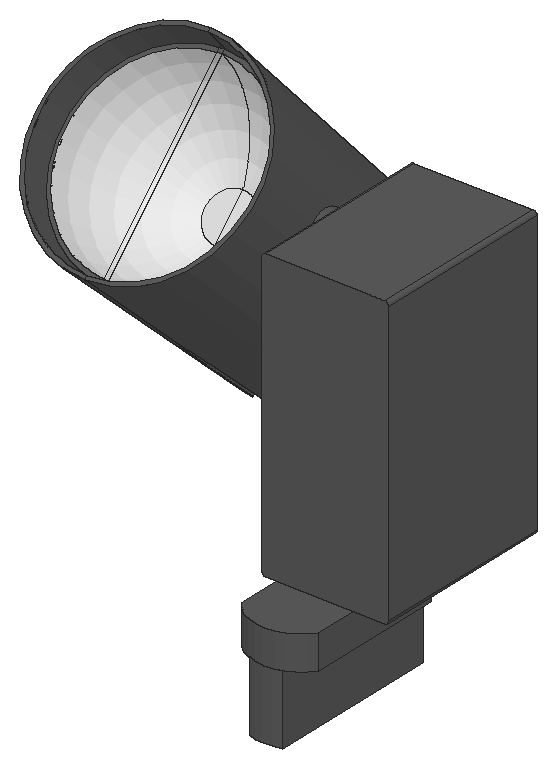
Revit family "0004849 Feilo Sylvania Lighting Fixture START TRACK SPOT S 14W 4K RA80 WB BLACK", category Lighting Fixtures, host Face, Revit 2017
Family settings
  Host = Face
  Round Connector Dimension = Use Diameter
  Part Type = Normal
  OmniClass Number = 23.80.70.00
  OmniClass Title = Lighting
  Cut with Voids When Loaded = No
  Light Source = No
  Shared = No
  Room Calculation Point = No
Parameters (values of type "0004849 START TRACK SPOT S 14W 4K RA80 WB BLACK")
  Weight = "0.94 kg"
  Wattage Comments = ""
  WarrantyStartDate [instance] = "n/a"
  WarrantyGuarantorParts = "n/a"
  WarrantyDurationUnit = "n/a"
  WarrantyDurationParts = "n/a"
  WarrantyDescription = "n/a"
  Voltage = 230 V
  URL = "http://www.sylvania-lighting.com"
  TypeName = "START TRACK SPOT S 14W 4K RA80 WB BLACK"
  TypeHead_FEILO = Start Track Spot Head : 0004849 START TRACK SPOT S 14W 4K RA80 WB BLACK
  TypeBox_FEILO = Start Track Spot Box : Type Small Black
  Type Image = <None>
  Type Comments = "n/a"
  VerticalRotation_FEILO [instance] = 0.00°
  SlideEndAngle_FEILO [instance] = VerticalRotation_FEILO + 180.00°  # 180.00°
  SerialNumber [instance] = "n/a"
  Material_3_FEILO = none
  PowerFactor = 0.92
  PowerConsumption = "14 W"
  NominalLength = 0 mm
  NominalHeight = 200 mm
  NominalDepth = 140 mm
  Name = "START TRACK SPOT S 14W 4K RA80 WB BLACK"
  ModelReference = Name  # "START TRACK SPOT S 14W 4K RA80 WB BLACK"
  ModelNumber = "0004849"
  Model = Name  # "START TRACK SPOT S 14W 4K RA80 WB BLACK"
  Material = "adc12 aluminium housing, polycarbonate diffuser"
  ManufacturerName = "Feilo Sylvania"
  Manufacturer = "Feilo Sylvania"
  LuminousEfficacy = "111 lm/W"
  LuminaireType = ""
  LightOutputRatio = "100"
  LampsType = Lamp  # "LED"
  LampNominalLuminous = "1558 lm"
  LampMacAdamStep = "3"
  LampColourTemperature = "4000 K"
  LampColourRenderingIndex = "80"
  Lamp = "LED"
  Keynote = "16500"
  InstallationDate [instance] = "n/a"
  InputVoltage = "230-240V~"
  InputNominalFrequency = "50/60 Hz"
  IngressProtection = "IP20"
  ImpactProtectionIndex = "IK02"
  IfcExportType = "IfcLightFixtureType"
  IfcExportAs = "IfcLightFixtureType"
  HorizontalRotation_FEILO [instance] = 45.00°
  ExpectedLife = 50000
  ElectricShockClassification = "Class II"
  DurationUnit = "hours"
  DocumentationLiterature = "http://www.sylvania-lighting.com/product/en-int/products/0004849"
  DimmingControlOptions = "Non dimmable"
  Material_2_FEILO = none
  Description = "Integrated LED spotlight, Textured Black - RAL9005, compact and minimalist design, ideal for retail applications, die-cast aluminium body, passive cooling heatsink. Beam angle: 64°, color temperature: 4000K , total system power: 14W, total fixture output: 1558 lm, LOR: 100%, colour rendering: Ra: 80 typical, LED Chromaticity: 3 step MacAdam ellipse, lifetime: >50000 hours at L70B50, energy class: A++, A+, A, IR/UV free light source without heat radiation, operating voltage: 220-240V / 50-60Hz, drive current: 350mA, electronic driver, non-dimmable, power factor: 0.92, electrical protection: Class II, Global Track 3 Phase adapter suitable for Global trac 3-circuit tracks, ingress protection rating: IP20, suitable for internal environment only, horizontal rotation: 355°, vertical tilt: 90°, dimensions: Ø86x140x200, weight: 0.940kg."
  Default Elevation = 1219.2 mm
  CreatedOn = "12/12/2017"
  CreatedBy = ""
  Cost = 0
  built-in parameter 1114216 [instance] = (empty or 0)
  ClassificationValue = "EF_70_80"
  ClassificationName = "Uniclass2015"
  Material_1_FEILO = Body-Sylvania-StartTrackSpot-Black
  BarCode [instance] = "n/a"
  AssetType = "Fixed"
  AssetIdentifier [instance] = "n/a"
  Assembly Code = "D5020200"
  Apparent Load = 14 VA
  Material_4_FEILO = none
Reference planes
  plane 1 "Center (Front/Back)": y = 0
  plane 2: z = 0
  plane 3 "Center (Left/Right)": x = 0
  plane 4: x = 15
  plane 5: x = -15
  plane 6: y = 35
  plane 7: y = -35
  plane 8: z = 13
  plane 9: z = -27
  plane 10: x = 6.5
  plane 11: x = -6.5
  plane 12: y = 27
  plane 13: y = -27
  plane 14: y = 20
Forms (mm)
  Extrusion 1, solid, material "Body-Sylvania-StartTrackSpot-Black" <- "Material_1_FEILO"
    sketch origin (0, 0, 0) x (1, 0, 0) y (0, 1, 0)
      loop
        line (-15, 27) -> (-15, -27)
        arc (-15, -27) -> (0, -35) -> (15, -27) r 18.062
        line (15, -27) -> (15, 27)
        arc (15, 27) -> (0, 35) -> (-15, 27) r 18.062
    from 0 to 13
  Extrusion 2, solid, material "Body-Sylvania-StartTrackSpot-Black" <- "Material_1_FEILO"
    sketch origin (0, 0, 0) x (1, 0, 0) y (0, 1, 0)
      loop
        arc (6.5, 33.79) -> (0, 35) -> (-6.5, 33.79) r 18.062
        line (-6.5, 33.79) -> (-6.5, -33.79)
        arc (-6.5, -33.79) -> (0, -35) -> (6.5, -33.79) r 18.062
        line (6.5, -33.79) -> (6.5, 33.79)
    from 0 to -27
  Revolve 3, solid, not visible
    sketch origin (1524, 20, 1219.2) x (1, 0, 0) y (0, 0, 1)
      loop
        line (-1524, -1206.2) -> (-1524, -1191.285) -> (-1530.5, -1191.285) -> (-1530.5, -1206.2) -> (-1524, -1206.2)
      axis (-1524, -1191.285) -> (-1524, -1206.2)
    angle from 0 <- "VerticalRotation_FEILO" to 180 <- "SlideEndAngle_FEILO"
Cuts and joins
  joined: Extrusion 1, Extrusion 2
Dimensions and locks
  equal spacing: plane 10, plane 3 "Center (Left/Right)", plane 11
  equal spacing: plane 4, plane 3 "Center (Left/Right)", plane 5
  locked: plane 8 to plane 2 at 13
  locked: plane 8 to plane 9 at 40
  equal spacing: plane 13, plane 1 "Center (Front/Back)", plane 12
  locked: plane 12 to plane 6 at 8
  locked: plane 14 to plane 6 at 15
  locked: Revolve 3 sketch curve to plane 8 at 14.915
  aligned and locked: plane 2 to host face
  aligned and locked: level to host face
  aligned and locked: plane 5 to Extrusion 1 sketch curve  (x2)
  aligned and locked: plane 12 to Extrusion 1 sketch curve
  aligned and locked: plane 13 to Extrusion 1 sketch curve
  aligned and locked: plane 4 to Extrusion 1 sketch curve
  aligned and locked: Extrusion 1 to plane 8
  aligned and locked: Extrusion 1 to level
  aligned and locked: Extrusion 2 sketch curve to Extrusion 1  (x2)
  aligned and locked: Extrusion 2 sketch curve to plane 11
  aligned and locked: plane 10 to Extrusion 2 sketch curve
  aligned and locked: plane 9 to Extrusion 2
  aligned and locked: level to Extrusion 2
  aligned and locked: Revolve 3 sketch curve to plane 3 "Center (Left/Right)"  (x2)
  aligned and locked: plane 11 to Revolve 3 sketch curve
  aligned and locked: Revolve 3 sketch curve to plane 8
Automatic sketch dimensions
  host sketch curve to host sketch curve = 2438.4 mm  (x2)
  Extrusion 1 sketch curve to plane 3 "Center (Left/Right)" = 0 mm  (x2)
  Extrusion 1 sketch curve to plane 13 = 10.062 mm
  plane 12 to Extrusion 1 sketch curve = 10.062 mm
  Revolve 3 sketch curve to plane 3 "Center (Left/Right)" = 0 mm
  plane 9 to Revolve 3 sketch curve = 582.6 mm
  Revolve 3 sketch curve to Revolve 3 sketch curve = 2581.144 mm
Nested families
  nested 1: "Start Track Spot Head" at (-62, 20, 112.529) x (0, 0.7071, 0.7071) z (0, 0.7071, -0.7071), type <- "TypeHead_FEILO", type "0004849 START TRACK SPOT S 14W 4K RA80 WB BLACK"
    with built-in parameter 1114216 (empty or 0)
  nested 2: "Start Track Spot Box" at (8.5, 20, 73) x (-1, 0, 0) z (0, -1, 0), BoxStartAngle_FEILO <- "HorizontalRotation_FEILO", type <- "TypeBox_FEILO", type "Type Small Black"
    with BoxStartAngle_FEILO 45.00°, BoxEndAngle_FEILO -135.00°
Connectors
  electrical at (0, 0, 0), driven by "Apparent Load", driven by "PowerFactor", driven by "Voltage"
    settings: index 1, voltage 230 V, apparent load 14 VA, apparent load phase1 0 VA, apparent load phase2 0 VA, apparent load phase3 0 VA, power factor 0.92, load classification "Lighting", number of poles 1, system type 30, power factor state 1, is connector primary yes, connector utility no, sub classification motor no, connector description ""
Definition of nested family "Start Track Spot Head"
  Parameters (values of type "0004811 START TRACK SPOT S 14W 3K RA80 NB WHITE")
    Wattage Comments = "n/a"
    Wattage = 14 W
    built-in parameter 1150110 = 1 (stored number, unit not read)
    URL = "http://www.feilosylvania.com"
    Type Image = (empty or 0)
    Type Comments = "n/a"
    built-in parameter 1114217 = 1 (stored number, unit not read)
    Tilt Angle = -90.00°
    built-in parameter 1150109 = 1 (stored number, unit not read)
    built-in parameter 1150134 = (empty or 0)
    built-in parameter 1150113 = 1 (stored number, unit not read)
    Photometric Web File = "0004811.ies"
    Material_3_FEILO = none
    Model = "START TRACK SPOT S 14W 3K RA80 NB WHITE"
    Manufacturer = "Feilo Sylvania"
    built-in parameter 1150105 = 123.66 (stored number, unit not read)
    Lumens = 1554 lm
    built-in parameter 1150115 = 1 (stored number, unit not read)
    built-in parameter 1150137 = (empty or 0)
    built-in parameter 1150139 = (empty or 0)
    built-in parameter 1150112 = 1 (stored number, unit not read)
    built-in parameter 1150114 = 1 (stored number, unit not read)
    Lamp = "LED"
    Keynote = "16500"
    Material_2_FEILO = none
    built-in parameter 1150132 = (empty or 0)
    built-in parameter 1150102 = (empty or 0)
    built-in parameter 1150107 = 3000 (stored number, unit not read)
    built-in parameter 1150138 = (empty or 0)
    built-in parameter 1150106 = 1.2366 (stored number, unit not read)
    HeadThickness_FEILO = if(HeadDiaOut_FEILO > 112 mm, 2 mm, 1.5 mm)  # 1.5 mm
    HeadRibOffset_FEILO = HeadHeight_FEILO / 28  # 4.179 mm
    HeadRibDepth_FEILO = HeadHeight_FEILO / 2.1  # 55.714 mm
    HeadRibCutWidth_FEILO = HeadDiaOut_FEILO / 12  # 7.167 mm
    HeadRibCutOffset_FEILO = HeadHeight_FEILO / 2.3  # 50.87 mm
    HeadReflectorRadius_FEILO = HeadDiaOut_FEILO / 1.7  # 50.588 mm
    HeadReflectorOffset_FEILO = HeadHeight_FEILO / 2.1  # 55.714 mm
    HeadLEDRadius_FEILO = HeadDiaOut_FEILO / 9  # 9.556 mm
    HeadHeight_FEILO = 117 mm
    HeadDraft_FEILO = 1 mm
    HeadDiffusorThickness_FEILO = 3 mm
    HeadDiffusorOffset_FEILO = HeadHeight_FEILO / 12.4  # 9.435 mm
    HeadDiaOut_FEILO = 86 mm
    HeadDiaIn_FEILO = HeadDiaOut_FEILO / 1.11  # 77.477 mm
    HeadAxisFromTop_FEILO = HeadHeight_FEILO / 1.687  # 69.354 mm
    Emit from Circle Diameter = HeadDiaIn_FEILO  # 77.477 mm
    Emit Shape Visible in Rendering = no
    built-in parameter 1150104 = 10.312 (stored number, unit not read)
    Dimming Lamp Color Temperature Shift = (empty or 0)
    Description = "Integrated LED spotlight, Textured White - RAL9016, compact and minimalist design, ideal for retail applications, die-cast aluminium body, passive cooling heatsink. Beam angle: 12°, color temperature: 3000K , total system power: 14W, total fixture output: 1551 lm, LOR: 100%, colour rendering: Ra: 80 typical, LED Chromaticity: 3 step MacAdam ellipse, lifetime: >50000 hours at L70B50, energy class: A++, A+, A, IR/UV free light source without heat radiation, operating voltage: 220-240V / 50-60Hz, drive current: 350mA, electronic driver, non-dimmable, power factor: 0.92, electrical protection: Class II, Global Track 3 Phase adapter suitable for Global trac 3-circuit tracks, ingress protection rating: IP20, suitable for internal environment only, horizontal rotation: 355°, vertical tilt: 90°, dimensions: Ø86x140x200, weight: 0.940kg."
    Default Elevation = 1219.2 mm
    Cost = 0
    Color Filter = 16777215
    built-in parameter 1114216 [instance] = (empty or 0)
    Material_1_FEILO = none
    built-in parameter 1114218 = 1 (stored number, unit not read)
    built-in parameter 1150133 = 10 (stored number, unit not read)
    Assembly Code = "D5020200"
    Apparent Load = 14 VA
    Material_4_FEILO = none
  Types (96, lengths in mm): name | Wattage | built-in parameter 1150134 | Photometric Web File | Model | built-in parameter 1150105 | Lumens | built-in parameter 1150107 | built-in parameter 1150106 | HeadThickness_FEILO | HeadRibOffset_FEILO | HeadRibDepth_FEILO | HeadRibCutWidth_FEILO | HeadRibCutOffset_FEILO | HeadReflectorRadius_FEILO | HeadReflectorOffset_FEILO | HeadLEDRadius_FEILO | HeadHeight_FEILO | HeadDiffusorOffset_FEILO | HeadDiaOut_FEILO | HeadDiaIn_FEILO | HeadAxisFromTop_FEILO | Emit from Circle Diameter | built-in parameter 1150104 | Description | Apparent Load
    0004906 START TRACK SPOT L 55W 4K RA90 WB BLACK | 55 W | 12 | "0004906.ies" | "START TRACK SPOT L 55W 4K RA90 WB BLACK" | 385.15 (stored number, unit not read) | 4840 lm | 4000 (stored number, unit not read) | 3.8515 (stored number, unit not read) | 2 | 4.429 | 59.048 | 9.417 | 53.913 | 66.471 | 59.048 | 12.556 | 124 | 10 | 113 | 101.802 | 73.503 | 101.802 | 8.1755 (stored number, unit not read) | "Integrated LED spotlight, Textured Black - RAL9005, compact and minimalist design, ideal for retail applications, die-cast aluminium body, passive cooling heatsink. Beam angle: 52°, color temperature: 4000K , total system power: 55W, total fixture output: 4824 lm, LOR: 100%, colour rendering: Ra: 90 typical, LED Chromaticity: 3 step MacAdam ellipse, lifetime: >50000 hours at L70B50, energy class: A++, A+, A, IR/UV free light source without heat radiation, operating voltage: 220-240V / 50-60Hz, drive current: 1400mA, electronic driver, non-dimmable, power factor: 0.96, electrical protection: Class II, Global Track 3 Phase adapter suitable for Global trac 3-circuit tracks, ingress protection rating: IP20, suitable for internal environment only, horizontal rotation: 355°, vertical tilt: 90°, dimensions: Ø113x164x240, weight: 1.398kg." | 55 VA
    0004905 START TRACK SPOT L 55W 4K RA90 MB BLACK | 55 W | 12 | "0004905.ies" | "START TRACK SPOT L 55W 4K RA90 MB BLACK" | 389.53 (stored number, unit not read) | 4895 lm | 4000 (stored number, unit not read) | 3.8953 (stored number, unit not read) | 2 | 4.429 | 59.048 | 9.417 | 53.913 | 66.471 | 59.048 | 12.556 | 124 | 10 | 113 | 101.802 | 73.503 | 101.802 | 8.2684 (stored number, unit not read) | "Integrated LED spotlight, Textured Black - RAL9005, compact and minimalist design, ideal for retail applications, die-cast aluminium body, passive cooling heatsink. Beam angle: 38°, color temperature: 4000K , total system power: 55W, total fixture output: 4897 lm, LOR: 100%, colour rendering: Ra: 90 typical, LED Chromaticity: 3 step MacAdam ellipse, lifetime: >50000 hours at L70B50, energy class: A++, A+, A, IR/UV free light source without heat radiation, operating voltage: 220-240V / 50-60Hz, drive current: 1400mA, electronic driver, non-dimmable, power factor: 0.96, electrical protection: Class II, Global Track 3 Phase adapter suitable for Global trac 3-circuit tracks, ingress protection rating: IP20, suitable for internal environment only, horizontal rotation: 355°, vertical tilt: 90°, dimensions: Ø113x164x240, weight: 1.398kg." | 55 VA
    0004904 START TRACK SPOT L 55W 4K RA90 NB BLACK | 55 W | 12 | "0004904.ies" | "START TRACK SPOT L 55W 4K RA90 NB BLACK" | 393.91 (stored number, unit not read) | 4950 lm | 4000 (stored number, unit not read) | 3.9391 (stored number, unit not read) | 2 | 4.429 | 59.048 | 9.417 | 53.913 | 66.471 | 59.048 | 12.556 | 124 | 10 | 113 | 101.802 | 73.503 | 101.802 | 8.3613 (stored number, unit not read) | "Integrated LED spotlight, Textured Black - RAL9005, compact and minimalist design, ideal for retail applications, die-cast aluminium body, passive cooling heatsink. Beam angle: 15°, color temperature: 4000K , total system power: 55W, total fixture output: 4965 lm, LOR: 100%, colour rendering: Ra: 90 typical, LED Chromaticity: 3 step MacAdam ellipse, lifetime: >50000 hours at L70B50, energy class: A++, A+, A, IR/UV free light source without heat radiation, operating voltage: 220-240V / 50-60Hz, drive current: 1400mA, electronic driver, non-dimmable, power factor: 0.96, electrical protection: Class II, Global Track 3 Phase adapter suitable for Global trac 3-circuit tracks, ingress protection rating: IP20, suitable for internal environment only, horizontal rotation: 355°, vertical tilt: 90°, dimensions: Ø113x164x240, weight: 1.398kg." | 55 VA
    0004903 START TRACK SPOT L 35W 4K RA90 WB BLACK | 35 W | 12 | "0004903.ies" | "START TRACK SPOT L 35W 4K RA90 WB BLACK" | 284.09 (stored number, unit not read) | 3570 lm | 4000 (stored number, unit not read) | 2.8409 (stored number, unit not read) | 2 | 4.429 | 59.048 | 9.417 | 53.913 | 66.471 | 59.048 | 12.556 | 124 | 10 | 113 | 101.802 | 73.503 | 101.802 | 9.4761 (stored number, unit not read) | "Integrated LED spotlight, Textured Black - RAL9005, compact and minimalist design, ideal for retail applications, die-cast aluminium body, passive cooling heatsink. Beam angle: 52°, color temperature: 4000K , total system power: 35W, total fixture output: 3562 lm, LOR: 100%, colour rendering: Ra: 90 typical, LED Chromaticity: 3 step MacAdam ellipse, lifetime: >50000 hours at L70B50, energy class: A++, A+, A, IR/UV free light source without heat radiation, operating voltage: 220-240V / 50-60Hz, drive current: 900mA, electronic driver, non-dimmable, power factor: 0.93, electrical protection: Class II, Global Track 3 Phase adapter suitable for Global trac 3-circuit tracks, ingress protection rating: IP20, suitable for internal environment only, horizontal rotation: 355°, vertical tilt: 90°, dimensions: Ø113x164x240, weight: 1.368kg." | 35 VA
    0004902 START TRACK SPOT L 35W 4K RA90 MB BLACK | 35 W | 12 | "0004902.ies" | "START TRACK SPOT L 35W 4K RA90 MB BLACK" | 286.88 (stored number, unit not read) | 3605 lm | 4000 (stored number, unit not read) | 2.8688 (stored number, unit not read) | 2 | 4.429 | 59.048 | 9.417 | 53.913 | 66.471 | 59.048 | 12.556 | 124 | 10 | 113 | 101.802 | 73.503 | 101.802 | 9.569 (stored number, unit not read) | "Integrated LED spotlight, Textured Black - RAL9005, compact and minimalist design, ideal for retail applications, die-cast aluminium body, passive cooling heatsink. Beam angle: 38°, color temperature: 4000K , total system power: 35W, total fixture output: 3616 lm, LOR: 100%, colour rendering: Ra: 90 typical, LED Chromaticity: 3 step MacAdam ellipse, lifetime: >50000 hours at L70B50, energy class: A++, A+, A, IR/UV free light source without heat radiation, operating voltage: 220-240V / 50-60Hz, drive current: 900mA, electronic driver, non-dimmable, power factor: 0.93, electrical protection: Class II, Global Track 3 Phase adapter suitable for Global trac 3-circuit tracks, ingress protection rating: IP20, suitable for internal environment only, horizontal rotation: 355°, vertical tilt: 90°, dimensions: Ø113x164x240, weight: 1.368kg." | 35 VA
    0004901 START TRACK SPOT L 35W 4K RA90 NB BLACK | 35 W | 12 | "0004901.ies" | "START TRACK SPOT L 35W 4K RA90 NB BLACK" | 286.88 (stored number, unit not read) | 3605 lm | 4000 (stored number, unit not read) | 2.8688 (stored number, unit not read) | 2 | 4.429 | 59.048 | 9.417 | 53.913 | 66.471 | 59.048 | 12.556 | 124 | 10 | 113 | 101.802 | 73.503 | 101.802 | 9.569 (stored number, unit not read) | "Integrated LED spotlight, Textured Black - RAL9005, compact and minimalist design, ideal for retail applications, die-cast aluminium body, passive cooling heatsink. Beam angle: 15°, color temperature: 4000K , total system power: 35W, total fixture output: 3593 lm, LOR: 100%, colour rendering: Ra: 90 typical, LED Chromaticity: 3 step MacAdam ellipse, lifetime: >50000 hours at L70B50, energy class: A++, A+, A, IR/UV free light source without heat radiation, operating voltage: 220-240V / 50-60Hz, drive current: 900mA, electronic driver, non-dimmable, power factor: 0.93, electrical protection: Class II, Global Track 3 Phase adapter suitable for Global trac 3-circuit tracks, ingress protection rating: IP20, suitable for internal environment only, horizontal rotation: 355°, vertical tilt: 90°, dimensions: Ø113x164x240, weight: 1.368kg." | 35 VA
    0004900 START TRACK SPOT S 24W 4K RA90 WB BLACK | 24 W | 12 | "0004900.ies" | "START TRACK SPOT S 24W 4K RA90 WB BLACK" | 166.16 (stored number, unit not read) | 2088 lm | 4000 (stored number, unit not read) | 1.6616 (stored number, unit not read) | 1.5 | 4.179 | 55.714 | 7.167 | 50.87 | 50.588 | 55.714 | 9.556 | 117 | 9.435 | 86 | 77.477 | 69.354 | 77.477 | 8.0826 (stored number, unit not read) | "Integrated LED spotlight, Textured Black - RAL9005, compact and minimalist design, ideal for retail applications, die-cast aluminium body, passive cooling heatsink. Beam angle: 64°, color temperature: 4000K , total system power: 24W, total fixture output: 2087 lm, LOR: 100%, colour rendering: Ra: 90 typical, LED Chromaticity: 3 step MacAdam ellipse, lifetime: >50000 hours at L70B50, energy class: A++, A+, A, IR/UV free light source without heat radiation, operating voltage: 220-240V / 50-60Hz, drive current: 600mA, electronic driver, non-dimmable, power factor: 0.95, electrical protection: Class II, Global Track 3 Phase adapter suitable for Global trac 3-circuit tracks, ingress protection rating: IP20, suitable for internal environment only, horizontal rotation: 355°, vertical tilt: 90°, dimensions: Ø86x140x200, weight: 0.966kg." | 24 VA
    0004899 START TRACK SPOT S 24W 4K RA90 MB BLACK | 24 W | 12 | "0004899.ies" | "START TRACK SPOT S 24W 4K RA90 MB BLACK" | 169.98 (stored number, unit not read) | 2136 lm | 4000 (stored number, unit not read) | 1.6998 (stored number, unit not read) | 1.5 | 4.179 | 55.714 | 7.167 | 50.87 | 50.588 | 55.714 | 9.556 | 117 | 9.435 | 86 | 77.477 | 69.354 | 77.477 | 8.2684 (stored number, unit not read) | "Integrated LED spotlight, Textured Black - RAL9005, compact and minimalist design, ideal for retail applications, die-cast aluminium body, passive cooling heatsink. Beam angle: 36°, color temperature: 4000K , total system power: 24W, total fixture output: 2141 lm, LOR: 100%, colour rendering: Ra: 90 typical, LED Chromaticity: 3 step MacAdam ellipse, lifetime: >50000 hours at L70B50, energy class: A++, A+, A, IR/UV free light source without heat radiation, operating voltage: 220-240V / 50-60Hz, drive current: 600mA, electronic driver, non-dimmable, power factor: 0.95, electrical protection: Class II, Global Track 3 Phase adapter suitable for Global trac 3-circuit tracks, ingress protection rating: IP20, suitable for internal environment only, horizontal rotation: 355°, vertical tilt: 90°, dimensions: Ø86x140x200, weight: 0.966kg." | 24 VA
    0004898 START TRACK SPOT S 24W 4K RA90 NB BLACK | 24 W | 12 | "0004898.ies" | "START TRACK SPOT S 24W 4K RA90 NB BLACK" | 171.89 (stored number, unit not read) | 2160 lm | 4000 (stored number, unit not read) | 1.7189 (stored number, unit not read) | 1.5 | 4.179 | 55.714 | 7.167 | 50.87 | 50.588 | 55.714 | 9.556 | 117 | 9.435 | 86 | 77.477 | 69.354 | 77.477 | 8.3613 (stored number, unit not read) | "Integrated LED spotlight, Textured Black - RAL9005, compact and minimalist design, ideal for retail applications, die-cast aluminium body, passive cooling heatsink. Beam angle: 12°, color temperature: 4000K , total system power: 24W, total fixture output: 2155 lm, LOR: 100%, colour rendering: Ra: 90 typical, LED Chromaticity: 3 step MacAdam ellipse, lifetime: >50000 hours at L70B50, energy class: A++, A+, A, IR/UV free light source without heat radiation, operating voltage: 220-240V / 50-60Hz, drive current: 600mA, electronic driver, non-dimmable, power factor: 0.95, electrical protection: Class II, Global Track 3 Phase adapter suitable for Global trac 3-circuit tracks, ingress protection rating: IP20, suitable for internal environment only, horizontal rotation: 355°, vertical tilt: 90°, dimensions: Ø86x140x200, weight: 0.966kg." | 24 VA
    0004897 START TRACK SPOT S 14W 4K RA90 WB BLACK | 14 W | 12 | "0004897.ies" | "START TRACK SPOT S 14W 4K RA90 WB BLACK" | 108.07 (stored number, unit not read) | 1358 lm | 4000 (stored number, unit not read) | 1.0807 (stored number, unit not read) | 1.5 | 4.179 | 55.714 | 7.167 | 50.87 | 50.588 | 55.714 | 9.556 | 117 | 9.435 | 86 | 77.477 | 69.354 | 77.477 | 9.0116 (stored number, unit not read) | "Integrated LED spotlight, Textured Black - RAL9005, compact and minimalist design, ideal for retail applications, die-cast aluminium body, passive cooling heatsink. Beam angle: 64°, color temperature: 4000K , total system power: 14W, total fixture output: 1352 lm, LOR: 100%, colour rendering: Ra: 90 typical, LED Chromaticity: 3 step MacAdam ellipse, lifetime: >50000 hours at L70B50, energy class: A++, A+, A, IR/UV free light source without heat radiation, operating voltage: 220-240V / 50-60Hz, drive current: 350mA, electronic driver, non-dimmable, power factor: 0.92, electrical protection: Class II, Global Track 3 Phase adapter suitable for Global trac 3-circuit tracks, ingress protection rating: IP20, suitable for internal environment only, horizontal rotation: 355°, vertical tilt: 90°, dimensions: Ø86x140x200, weight: 0.940kg." | 14 VA
    0004896 START TRACK SPOT S 14W 4K RA90 MB BLACK | 14 W | 12 | "0004896.ies" | "START TRACK SPOT S 14W 4K RA90 MB BLACK" | 108.07 (stored number, unit not read) | 1358 lm | 4000 (stored number, unit not read) | 1.0807 (stored number, unit not read) | 1.5 | 4.179 | 55.714 | 7.167 | 50.87 | 50.588 | 55.714 | 9.556 | 117 | 9.435 | 86 | 77.477 | 69.354 | 77.477 | 9.0116 (stored number, unit not read) | "Integrated LED spotlight, Textured Black - RAL9005, compact and minimalist design, ideal for retail applications, die-cast aluminium body, passive cooling heatsink. Beam angle: 36°, color temperature: 4000K , total system power: 14W, total fixture output: 1359 lm, LOR: 100%, colour rendering: Ra: 90 typical, LED Chromaticity: 3 step MacAdam ellipse, lifetime: >50000 hours at L70B50, energy class: A++, A+, A, IR/UV free light source without heat radiation, operating voltage: 220-240V / 50-60Hz, drive current: 350mA, electronic driver, non-dimmable, power factor: 0.92, electrical protection: Class II, Global Track 3 Phase adapter suitable for Global trac 3-circuit tracks, ingress protection rating: IP20, suitable for internal environment only, horizontal rotation: 355°, vertical tilt: 90°, dimensions: Ø86x140x200, weight: 0.940kg." | 14 VA
    0004895 START TRACK SPOT S 14W 4K RA90 NB BLACK | 14 W | 12 | "0004895.ies" | "START TRACK SPOT S 14W 4K RA90 NB BLACK" | 106.95 (stored number, unit not read) | 1344 lm | 4000 (stored number, unit not read) | 1.0695 (stored number, unit not read) | 1.5 | 4.179 | 55.714 | 7.167 | 50.87 | 50.588 | 55.714 | 9.556 | 117 | 9.435 | 86 | 77.477 | 69.354 | 77.477 | 8.9187 (stored number, unit not read) | "Integrated LED spotlight, Textured Black - RAL9005, compact and minimalist design, ideal for retail applications, die-cast aluminium body, passive cooling heatsink. Beam angle: 12°, color temperature: 4000K , total system power: 14W, total fixture output: 1349 lm, LOR: 100%, colour rendering: Ra: 90 typical, LED Chromaticity: 3 step MacAdam ellipse, lifetime: >50000 hours at L70B50, energy class: A++, A+, A, IR/UV free light source without heat radiation, operating voltage: 220-240V / 50-60Hz, drive current: 350mA, electronic driver, non-dimmable, power factor: 0.92, electrical protection: Class II, Global Track 3 Phase adapter suitable for Global trac 3-circuit tracks, ingress protection rating: IP20, suitable for internal environment only, horizontal rotation: 355°, vertical tilt: 90°, dimensions: Ø86x140x200, weight: 0.940kg." | 14 VA
    0004894 START TRACK SPOT L 55W 3K RA90 WB BLACK | 55 W | (empty or 0) | "0004894.ies" | "START TRACK SPOT L 55W 3K RA90 WB BLACK" | 350.14 (stored number, unit not read) | 4400 lm | 3000 (stored number, unit not read) | 3.5014 (stored number, unit not read) | 2 | 4.429 | 59.048 | 9.417 | 53.913 | 66.471 | 59.048 | 12.556 | 124 | 10 | 113 | 101.802 | 73.503 | 101.802 | 7.4322 (stored number, unit not read) | "Integrated LED spotlight, Textured Black - RAL9005, compact and minimalist design, ideal for retail applications, die-cast aluminium body, passive cooling heatsink. Beam angle: 52°, color temperature: 3000K , total system power: 55W, total fixture output: 4405 lm, LOR: 100%, colour rendering: Ra: 90 typical, LED Chromaticity: 3 step MacAdam ellipse, lifetime: >50000 hours at L70B50, energy class: A++, A+, A, IR/UV free light source without heat radiation, operating voltage: 220-240V / 50-60Hz, drive current: 1400mA, electronic driver, non-dimmable, power factor: 0.96, electrical protection: Class II, Global Track 3 Phase adapter suitable for Global trac 3-circuit tracks, ingress protection rating: IP20, suitable for internal environment only, horizontal rotation: 355°, vertical tilt: 90°, dimensions: Ø113x164x240, weight: 1.398kg." | 55 VA
    0004893 START TRACK SPOT L 55W 3K RA90 MB BLACK | 55 W | (empty or 0) | "0004893.ies" | "START TRACK SPOT L 55W 3K RA90 MB BLACK" | 354.52 (stored number, unit not read) | 4455 lm | 3000 (stored number, unit not read) | 3.5452 (stored number, unit not read) | 2 | 4.429 | 59.048 | 9.417 | 53.913 | 66.471 | 59.048 | 12.556 | 124 | 10 | 113 | 101.802 | 73.503 | 101.802 | 7.5251 (stored number, unit not read) | "Integrated LED spotlight, Textured Black - RAL9005, compact and minimalist design, ideal for retail applications, die-cast aluminium body, passive cooling heatsink. Beam angle: 38°, color temperature: 3000K , total system power: 55W, total fixture output: 4448 lm, LOR: 100%, colour rendering: Ra: 90 typical, LED Chromaticity: 3 step MacAdam ellipse, lifetime: >50000 hours at L70B50, energy class: A++, A+, A, IR/UV free light source without heat radiation, operating voltage: 220-240V / 50-60Hz, drive current: 1400mA, electronic driver, non-dimmable, power factor: 0.96, electrical protection: Class II, Global Track 3 Phase adapter suitable for Global trac 3-circuit tracks, ingress protection rating: IP20, suitable for internal environment only, horizontal rotation: 355°, vertical tilt: 90°, dimensions: Ø113x164x240, weight: 1.398kg." | 55 VA
    0004892 START TRACK SPOT L 55W 3K RA90 NB BLACK | 55 W | (empty or 0) | "0004892.ies" | "START TRACK SPOT L 55W 3K RA90 NB BLACK" | 350.14 (stored number, unit not read) | 4400 lm | 3000 (stored number, unit not read) | 3.5014 (stored number, unit not read) | 2 | 4.429 | 59.048 | 9.417 | 53.913 | 66.471 | 59.048 | 12.556 | 124 | 10 | 113 | 101.802 | 73.503 | 101.802 | 7.4322 (stored number, unit not read) | "Integrated LED spotlight, Textured Black - RAL9005, compact and minimalist design, ideal for retail applications, die-cast aluminium body, passive cooling heatsink. Beam angle: 15°, color temperature: 3000K , total system power: 55W, total fixture output: 4416 lm, LOR: 100%, colour rendering: Ra: 90 typical, LED Chromaticity: 3 step MacAdam ellipse, lifetime: >50000 hours at L70B50, energy class: A++, A+, A, IR/UV free light source without heat radiation, operating voltage: 220-240V / 50-60Hz, drive current: 1400mA, electronic driver, non-dimmable, power factor: 0.96, electrical protection: Class II, Global Track 3 Phase adapter suitable for Global trac 3-circuit tracks, ingress protection rating: IP20, suitable for internal environment only, horizontal rotation: 355°, vertical tilt: 90°, dimensions: Ø113x164x240, weight: 1.398kg." | 55 VA
    0004891 START TRACK SPOT L 35W 3K RA90 WB BLACK | 35 W | (empty or 0) | "0004891.ies" | "START TRACK SPOT L 35W 3K RA90 WB BLACK" | 259.02 (stored number, unit not read) | 3255 lm | 3000 (stored number, unit not read) | 2.5902 (stored number, unit not read) | 2 | 4.429 | 59.048 | 9.417 | 53.913 | 66.471 | 59.048 | 12.556 | 124 | 10 | 113 | 101.802 | 73.503 | 101.802 | 8.64 (stored number, unit not read) | "Integrated LED spotlight, Textured Black - RAL9005, compact and minimalist design, ideal for retail applications, die-cast aluminium body, passive cooling heatsink. Beam angle: 52°, color temperature: 3000K , total system power: 35W, total fixture output: 3260 lm, LOR: 100%, colour rendering: Ra: 90 typical, LED Chromaticity: 3 step MacAdam ellipse, lifetime: >50000 hours at L70B50, energy class: A++, A+, A, IR/UV free light source without heat radiation, operating voltage: 220-240V / 50-60Hz, drive current: 900mA, electronic driver, non-dimmable, power factor: 0.93, electrical protection: Class II, Global Track 3 Phase adapter suitable for Global trac 3-circuit tracks, ingress protection rating: IP20, suitable for internal environment only, horizontal rotation: 355°, vertical tilt: 90°, dimensions: Ø113x164x240, weight: 1.368kg." | 35 VA
    0004890 START TRACK SPOT L 35W 3K RA90 MB BLACK | 35 W | (empty or 0) | "0004890.ies" | "START TRACK SPOT L 35W 3K RA90 MB BLACK" | 261.81 (stored number, unit not read) | 3290 lm | 3000 (stored number, unit not read) | 2.6181 (stored number, unit not read) | 2 | 4.429 | 59.048 | 9.417 | 53.913 | 66.471 | 59.048 | 12.556 | 124 | 10 | 113 | 101.802 | 73.503 | 101.802 | 8.7329 (stored number, unit not read) | "Integrated LED spotlight, Textured Black - RAL9005, compact and minimalist design, ideal for retail applications, die-cast aluminium body, passive cooling heatsink. Beam angle: 38°, color temperature: 3000K , total system power: 35W, total fixture output: 3306 lm, LOR: 100%, colour rendering: Ra: 90 typical, LED Chromaticity: 3 step MacAdam ellipse, lifetime: >50000 hours at L70B50, energy class: A++, A+, A, IR/UV free light source without heat radiation, operating voltage: 220-240V / 50-60Hz, drive current: 900mA, electronic driver, non-dimmable, power factor: 0.93, electrical protection: Class II, Global Track 3 Phase adapter suitable for Global trac 3-circuit tracks, ingress protection rating: IP20, suitable for internal environment only, horizontal rotation: 355°, vertical tilt: 90°, dimensions: Ø113x164x240, weight: 1.368kg." | 35 VA
    0004889 START TRACK SPOT L 35W 3K RA90 NB BLACK | 35 W | (empty or 0) | "0004889.ies" | "START TRACK SPOT L 35W 3K RA90 NB BLACK" | 261.81 (stored number, unit not read) | 3290 lm | 3000 (stored number, unit not read) | 2.6181 (stored number, unit not read) | 2 | 4.429 | 59.048 | 9.417 | 53.913 | 66.471 | 59.048 | 12.556 | 124 | 10 | 113 | 101.802 | 73.503 | 101.802 | 8.7329 (stored number, unit not read) | "Integrated LED spotlight, Textured Black - RAL9005, compact and minimalist design, ideal for retail applications, die-cast aluminium body, passive cooling heatsink. Beam angle: 15°, color temperature: 3000K , total system power: 35W, total fixture output: 3287 lm, LOR: 100%, colour rendering: Ra: 90 typical, LED Chromaticity: 3 step MacAdam ellipse, lifetime: >50000 hours at L70B50, energy class: A++, A+, A, IR/UV free light source without heat radiation, operating voltage: 220-240V / 50-60Hz, drive current: 900mA, electronic driver, non-dimmable, power factor: 0.93, electrical protection: Class II, Global Track 3 Phase adapter suitable for Global trac 3-circuit tracks, ingress protection rating: IP20, suitable for internal environment only, horizontal rotation: 355°, vertical tilt: 90°, dimensions: Ø113x164x240, weight: 1.368kg." | 35 VA
    0004888 START TRACK SPOT S 24W 3K RA90 WB BLACK | 24 W | (empty or 0) | "0004888.ies" | "START TRACK SPOT S 24W 3K RA90 WB BLACK" | 152.79 (stored number, unit not read) | 1920 lm | 3000 (stored number, unit not read) | 1.5279 (stored number, unit not read) | 1.5 | 4.179 | 55.714 | 7.167 | 50.87 | 50.588 | 55.714 | 9.556 | 117 | 9.435 | 86 | 77.477 | 69.354 | 77.477 | 7.4322 (stored number, unit not read) | "Integrated LED spotlight, Textured Black - RAL9005, compact and minimalist design, ideal for retail applications, die-cast aluminium body, passive cooling heatsink. Beam angle: 64°, color temperature: 3000K , total system power: 24W, total fixture output: 1928 lm, LOR: 100%, colour rendering: Ra: 90 typical, LED Chromaticity: 3 step MacAdam ellipse, lifetime: >50000 hours at L70B50, energy class: A++, A+, A, IR/UV free light source without heat radiation, operating voltage: 220-240V / 50-60Hz, drive current: 600mA, electronic driver, non-dimmable, power factor: 0.95, electrical protection: Class II, Global Track 3 Phase adapter suitable for Global trac 3-circuit tracks, ingress protection rating: IP20, suitable for internal environment only, horizontal rotation: 355°, vertical tilt: 90°, dimensions: Ø86x140x200, weight: 0.966kg." | 24 VA
    0004887 START TRACK SPOT S 24W 3K RA90 MB BLACK | 24 W | (empty or 0) | "0004887.ies" | "START TRACK SPOT S 24W 3K RA90 MB BLACK" | 154.7 (stored number, unit not read) | 1944 lm | 3000 (stored number, unit not read) | 1.547 (stored number, unit not read) | 1.5 | 4.179 | 55.714 | 7.167 | 50.87 | 50.588 | 55.714 | 9.556 | 117 | 9.435 | 86 | 77.477 | 69.354 | 77.477 | 7.5251 (stored number, unit not read) | "Integrated LED spotlight, Textured Black - RAL9005, compact and minimalist design, ideal for retail applications, die-cast aluminium body, passive cooling heatsink. Beam angle: 36°, color temperature: 3000K , total system power: 24W, total fixture output: 1944 lm, LOR: 100%, colour rendering: Ra: 90 typical, LED Chromaticity: 3 step MacAdam ellipse, lifetime: >50000 hours at L70B50, energy class: A++, A+, A, IR/UV free light source without heat radiation, operating voltage: 220-240V / 50-60Hz, drive current: 600mA, electronic driver, non-dimmable, power factor: 0.95, electrical protection: Class II, Global Track 3 Phase adapter suitable for Global trac 3-circuit tracks, ingress protection rating: IP20, suitable for internal environment only, horizontal rotation: 355°, vertical tilt: 90°, dimensions: Ø86x140x200, weight: 0.966kg." | 24 VA
    0004886 START TRACK SPOT S 24W 3K RA90 NB BLACK | 24 W | (empty or 0) | "0004886.ies" | "START TRACK SPOT S 24W 3K RA90 NB BLACK" | 158.52 (stored number, unit not read) | 1992 lm | 3000 (stored number, unit not read) | 1.5852 (stored number, unit not read) | 1.5 | 4.179 | 55.714 | 7.167 | 50.87 | 50.588 | 55.714 | 9.556 | 117 | 9.435 | 86 | 77.477 | 69.354 | 77.477 | 7.711 (stored number, unit not read) | "Integrated LED spotlight, Textured Black - RAL9005, compact and minimalist design, ideal for retail applications, die-cast aluminium body, passive cooling heatsink. Beam angle: 12°, color temperature: 3000K , total system power: 24W, total fixture output: 1987 lm, LOR: 100%, colour rendering: Ra: 90 typical, LED Chromaticity: 3 step MacAdam ellipse, lifetime: >50000 hours at L70B50, energy class: A++, A+, A, IR/UV free light source without heat radiation, operating voltage: 220-240V / 50-60Hz, drive current: 600mA, electronic driver, non-dimmable, power factor: 0.95, electrical protection: Class II, Global Track 3 Phase adapter suitable for Global trac 3-circuit tracks, ingress protection rating: IP20, suitable for internal environment only, horizontal rotation: 355°, vertical tilt: 90°, dimensions: Ø86x140x200, weight: 0.966kg." | 24 VA
    0004885 START TRACK SPOT S 14W 3K RA90 WB BLACK | 14 W | (empty or 0) | "0004885.ies" | "START TRACK SPOT S 14W 3K RA90 WB BLACK" | 100.27 (stored number, unit not read) | 1260 lm | 3000 (stored number, unit not read) | 1.0027 (stored number, unit not read) | 1.5 | 4.179 | 55.714 | 7.167 | 50.87 | 50.588 | 55.714 | 9.556 | 117 | 9.435 | 86 | 77.477 | 69.354 | 77.477 | 8.3613 (stored number, unit not read) | "Integrated LED spotlight, Textured Black - RAL9005, compact and minimalist design, ideal for retail applications, die-cast aluminium body, passive cooling heatsink. Beam angle: 64°, color temperature: 3000K , total system power: 14W, total fixture output: 1262 lm, LOR: 100%, colour rendering: Ra: 90 typical, LED Chromaticity: 3 step MacAdam ellipse, lifetime: >50000 hours at L70B50, energy class: A++, A+, A, IR/UV free light source without heat radiation, operating voltage: 220-240V / 50-60Hz, drive current: 350mA, electronic driver, non-dimmable, power factor: 0.92, electrical protection: Class II, Global Track 3 Phase adapter suitable for Global trac 3-circuit tracks, ingress protection rating: IP20, suitable for internal environment only, horizontal rotation: 355°, vertical tilt: 90°, dimensions: Ø86x140x200, weight: 0.940kg." | 14 VA
    0004884 START TRACK SPOT S 14W 3K RA90 MB BLACK | 14 W | (empty or 0) | "0004884.ies" | "START TRACK SPOT S 14W 3K RA90 MB BLACK" | 100.27 (stored number, unit not read) | 1260 lm | 3000 (stored number, unit not read) | 1.0027 (stored number, unit not read) | 1.5 | 4.179 | 55.714 | 7.167 | 50.87 | 50.588 | 55.714 | 9.556 | 117 | 9.435 | 86 | 77.477 | 69.354 | 77.477 | 8.3613 (stored number, unit not read) | "Integrated LED spotlight, Textured Black - RAL9005, compact and minimalist design, ideal for retail applications, die-cast aluminium body, passive cooling heatsink. Beam angle: 36°, color temperature: 3000K , total system power: 14W, total fixture output: 1262 lm, LOR: 100%, colour rendering: Ra: 90 typical, LED Chromaticity: 3 step MacAdam ellipse, lifetime: >50000 hours at L70B50, energy class: A++, A+, A, IR/UV free light source without heat radiation, operating voltage: 220-240V / 50-60Hz, drive current: 350mA, electronic driver, non-dimmable, power factor: 0.92, electrical protection: Class II, Global Track 3 Phase adapter suitable for Global trac 3-circuit tracks, ingress protection rating: IP20, suitable for internal environment only, horizontal rotation: 355°, vertical tilt: 90°, dimensions: Ø86x140x200, weight: 0.940kg." | 14 VA
    0004883 START TRACK SPOT S 14W 3K RA90 NB BLACK | 14 W | (empty or 0) | "0004883.ies" | "START TRACK SPOT S 14W 3K RA90 NB BLACK" | 102.5 (stored number, unit not read) | 1288 lm | 3000 (stored number, unit not read) | 1.025 (stored number, unit not read) | 1.5 | 4.179 | 55.714 | 7.167 | 50.87 | 50.588 | 55.714 | 9.556 | 117 | 9.435 | 86 | 77.477 | 69.354 | 77.477 | 8.5471 (stored number, unit not read) | "Integrated LED spotlight, Textured Black - RAL9005, compact and minimalist design, ideal for retail applications, die-cast aluminium body, passive cooling heatsink. Beam angle: 12°, color temperature: 3000K , total system power: 14W, total fixture output: 1284 lm, LOR: 100%, colour rendering: Ra: 90 typical, LED Chromaticity: 3 step MacAdam ellipse, lifetime: >50000 hours at L70B50, energy class: A++, A+, A, IR/UV free light source without heat radiation, operating voltage: 220-240V / 50-60Hz, drive current: 350mA, electronic driver, non-dimmable, power factor: 0.92, electrical protection: Class II, Global Track 3 Phase adapter suitable for Global trac 3-circuit tracks, ingress protection rating: IP20, suitable for internal environment only, horizontal rotation: 355°, vertical tilt: 90°, dimensions: Ø86x140x200, weight: 0.940kg." | 14 VA
    0004882 START TRACK SPOT L 55W 4K RA90 WB WHITE | 55 W | 12 | "0004882.ies" | "START TRACK SPOT L 55W 4K RA90 WB WHITE" | 385.15 (stored number, unit not read) | 4840 lm | 4000 (stored number, unit not read) | 3.8515 (stored number, unit not read) | 2 | 4.429 | 59.048 | 9.417 | 53.913 | 66.471 | 59.048 | 12.556 | 124 | 10 | 113 | 101.802 | 73.503 | 101.802 | 8.1755 (stored number, unit not read) | "Integrated LED spotlight, Textured White - RAL9016, compact and minimalist design, ideal for retail applications, die-cast aluminium body, passive cooling heatsink. Beam angle: 52°, color temperature: 4000K , total system power: 55W, total fixture output: 4824 lm, LOR: 100%, colour rendering: Ra: 90 typical, LED Chromaticity: 3 step MacAdam ellipse, lifetime: >50000 hours at L70B50, energy class: A++, A+, A, IR/UV free light source without heat radiation, operating voltage: 220-240V / 50-60Hz, drive current: 1400mA, electronic driver, non-dimmable, power factor: 0.96, electrical protection: Class II, Global Track 3 Phase adapter suitable for Global trac 3-circuit tracks, ingress protection rating: IP20, suitable for internal environment only, horizontal rotation: 355°, vertical tilt: 90°, dimensions: Ø113x164x240, weight: 1.398kg." | 55 VA
    0004881 START TRACK SPOT L 55W 4K RA90 MB WHITE | 55 W | 12 | "0004881.ies" | "START TRACK SPOT L 55W 4K RA90 MB WHITE" | 389.53 (stored number, unit not read) | 4895 lm | 4000 (stored number, unit not read) | 3.8953 (stored number, unit not read) | 2 | 4.429 | 59.048 | 9.417 | 53.913 | 66.471 | 59.048 | 12.556 | 124 | 10 | 113 | 101.802 | 73.503 | 101.802 | 8.2684 (stored number, unit not read) | "Integrated LED spotlight, Textured White - RAL9016, compact and minimalist design, ideal for retail applications, die-cast aluminium body, passive cooling heatsink. Beam angle: 38°, color temperature: 4000K , total system power: 55W, total fixture output: 4897 lm, LOR: 100%, colour rendering: Ra: 90 typical, LED Chromaticity: 3 step MacAdam ellipse, lifetime: >50000 hours at L70B50, energy class: A++, A+, A, IR/UV free light source without heat radiation, operating voltage: 220-240V / 50-60Hz, drive current: 1400mA, electronic driver, non-dimmable, power factor: 0.96, electrical protection: Class II, Global Track 3 Phase adapter suitable for Global trac 3-circuit tracks, ingress protection rating: IP20, suitable for internal environment only, horizontal rotation: 355°, vertical tilt: 90°, dimensions: Ø113x164x240, weight: 1.398kg." | 55 VA
    0004880 START TRACK SPOT L 55W 4K RA90 NB WHITE | 55 W | 12 | "0004880.ies" | "START TRACK SPOT L 55W 4K RA90 NB WHITE" | 393.91 (stored number, unit not read) | 4950 lm | 4000 (stored number, unit not read) | 3.9391 (stored number, unit not read) | 2 | 4.429 | 59.048 | 9.417 | 53.913 | 66.471 | 59.048 | 12.556 | 124 | 10 | 113 | 101.802 | 73.503 | 101.802 | 8.3613 (stored number, unit not read) | "Integrated LED spotlight, Textured White - RAL9016, compact and minimalist design, ideal for retail applications, die-cast aluminium body, passive cooling heatsink. Beam angle: 15°, color temperature: 4000K , total system power: 55W, total fixture output: 4965 lm, LOR: 100%, colour rendering: Ra: 90 typical, LED Chromaticity: 3 step MacAdam ellipse, lifetime: >50000 hours at L70B50, energy class: A++, A+, A, IR/UV free light source without heat radiation, operating voltage: 220-240V / 50-60Hz, drive current: 1400mA, electronic driver, non-dimmable, power factor: 0.96, electrical protection: Class II, Global Track 3 Phase adapter suitable for Global trac 3-circuit tracks, ingress protection rating: IP20, suitable for internal environment only, horizontal rotation: 355°, vertical tilt: 90°, dimensions: Ø113x164x240, weight: 1.398kg." | 55 VA
    0004879 START TRACK SPOT L 35W 4K RA90 WB WHITE | 35 W | 12 | "0004879.ies" | "START TRACK SPOT L 35W 4K RA90 WB WHITE" | 284.09 (stored number, unit not read) | 3570 lm | 4000 (stored number, unit not read) | 2.8409 (stored number, unit not read) | 2 | 4.429 | 59.048 | 9.417 | 53.913 | 66.471 | 59.048 | 12.556 | 124 | 10 | 113 | 101.802 | 73.503 | 101.802 | 9.4761 (stored number, unit not read) | "Integrated LED spotlight, Textured White - RAL9016, compact and minimalist design, ideal for retail applications, die-cast aluminium body, passive cooling heatsink. Beam angle: 52°, color temperature: 4000K , total system power: 35W, total fixture output: 3562 lm, LOR: 100%, colour rendering: Ra: 90 typical, LED Chromaticity: 3 step MacAdam ellipse, lifetime: >50000 hours at L70B50, energy class: A++, A+, A, IR/UV free light source without heat radiation, operating voltage: 220-240V / 50-60Hz, drive current: 900mA, electronic driver, non-dimmable, power factor: 0.93, electrical protection: Class II, Global Track 3 Phase adapter suitable for Global trac 3-circuit tracks, ingress protection rating: IP20, suitable for internal environment only, horizontal rotation: 355°, vertical tilt: 90°, dimensions: Ø113x164x240, weight: 1.368kg." | 35 VA
    0004878 START TRACK SPOT L 35W 4K RA90 MB WHITE | 35 W | 12 | "0004878.ies" | "START TRACK SPOT L 35W 4K RA90 MB WHITE" | 286.88 (stored number, unit not read) | 3605 lm | 4000 (stored number, unit not read) | 2.8688 (stored number, unit not read) | 2 | 4.429 | 59.048 | 9.417 | 53.913 | 66.471 | 59.048 | 12.556 | 124 | 10 | 113 | 101.802 | 73.503 | 101.802 | 9.569 (stored number, unit not read) | "Integrated LED spotlight, Textured White - RAL9016, compact and minimalist design, ideal for retail applications, die-cast aluminium body, passive cooling heatsink. Beam angle: 38°, color temperature: 4000K , total system power: 35W, total fixture output: 3616 lm, LOR: 100%, colour rendering: Ra: 90 typical, LED Chromaticity: 3 step MacAdam ellipse, lifetime: >50000 hours at L70B50, energy class: A++, A+, A, IR/UV free light source without heat radiation, operating voltage: 220-240V / 50-60Hz, drive current: 900mA, electronic driver, non-dimmable, power factor: 0.93, electrical protection: Class II, Global Track 3 Phase adapter suitable for Global trac 3-circuit tracks, ingress protection rating: IP20, suitable for internal environment only, horizontal rotation: 355°, vertical tilt: 90°, dimensions: Ø113x164x240, weight: 1.368kg." | 35 VA
    0004877 START TRACK SPOT L 35W 4K RA90 NB WHITE | 35 W | 12 | "0004877.ies" | "START TRACK SPOT L 35W 4K RA90 NB WHITE" | 286.88 (stored number, unit not read) | 3605 lm | 4000 (stored number, unit not read) | 2.8688 (stored number, unit not read) | 2 | 4.429 | 59.048 | 9.417 | 53.913 | 66.471 | 59.048 | 12.556 | 124 | 10 | 113 | 101.802 | 73.503 | 101.802 | 9.569 (stored number, unit not read) | "Integrated LED spotlight, Textured White - RAL9016, compact and minimalist design, ideal for retail applications, die-cast aluminium body, passive cooling heatsink. Beam angle: 15°, color temperature: 4000K , total system power: 35W, total fixture output: 3593 lm, LOR: 100%, colour rendering: Ra: 90 typical, LED Chromaticity: 3 step MacAdam ellipse, lifetime: >50000 hours at L70B50, energy class: A++, A+, A, IR/UV free light source without heat radiation, operating voltage: 220-240V / 50-60Hz, drive current: 900mA, electronic driver, non-dimmable, power factor: 0.93, electrical protection: Class II, Global Track 3 Phase adapter suitable for Global trac 3-circuit tracks, ingress protection rating: IP20, suitable for internal environment only, horizontal rotation: 355°, vertical tilt: 90°, dimensions: Ø113x164x240, weight: 1.368kg." | 35 VA
    0004876 START TRACK SPOT S 24W 4K RA90 WB WHITE | 24 W | 12 | "0004876.ies" | "START TRACK SPOT S 24W 4K RA90 WB WHITE" | 166.16 (stored number, unit not read) | 2088 lm | 4000 (stored number, unit not read) | 1.6616 (stored number, unit not read) | 1.5 | 4.179 | 55.714 | 7.167 | 50.87 | 50.588 | 55.714 | 9.556 | 117 | 9.435 | 86 | 77.477 | 69.354 | 77.477 | 8.0826 (stored number, unit not read) | "Integrated LED spotlight, Textured White - RAL9016, compact and minimalist design, ideal for retail applications, die-cast aluminium body, passive cooling heatsink. Beam angle: 64°, color temperature: 4000K , total system power: 24W, total fixture output: 2087 lm, LOR: 100%, colour rendering: Ra: 90 typical, LED Chromaticity: 3 step MacAdam ellipse, lifetime: >50000 hours at L70B50, energy class: A++, A+, A, IR/UV free light source without heat radiation, operating voltage: 220-240V / 50-60Hz, drive current: 600mA, electronic driver, non-dimmable, power factor: 0.95, electrical protection: Class II, Global Track 3 Phase adapter suitable for Global trac 3-circuit tracks, ingress protection rating: IP20, suitable for internal environment only, horizontal rotation: 355°, vertical tilt: 90°, dimensions: Ø86x140x200, weight: 0.966kg." | 24 VA
    0004875 START TRACK SPOT S 24W 4K RA90 MB WHITE | 24 W | 12 | "0004875.ies" | "START TRACK SPOT S 24W 4K RA90 MB WHITE" | 169.98 (stored number, unit not read) | 2136 lm | 4000 (stored number, unit not read) | 1.6998 (stored number, unit not read) | 1.5 | 4.179 | 55.714 | 7.167 | 50.87 | 50.588 | 55.714 | 9.556 | 117 | 9.435 | 86 | 77.477 | 69.354 | 77.477 | 8.2684 (stored number, unit not read) | "Integrated LED spotlight, Textured White - RAL9016, compact and minimalist design, ideal for retail applications, die-cast aluminium body, passive cooling heatsink. Beam angle: 36°, color temperature: 4000K , total system power: 24W, total fixture output: 2141 lm, LOR: 100%, colour rendering: Ra: 90 typical, LED Chromaticity: 3 step MacAdam ellipse, lifetime: >50000 hours at L70B50, energy class: A++, A+, A, IR/UV free light source without heat radiation, operating voltage: 220-240V / 50-60Hz, drive current: 600mA, electronic driver, non-dimmable, power factor: 0.95, electrical protection: Class II, Global Track 3 Phase adapter suitable for Global trac 3-circuit tracks, ingress protection rating: IP20, suitable for internal environment only, horizontal rotation: 355°, vertical tilt: 90°, dimensions: Ø86x140x200, weight: 0.966kg." | 24 VA
    0004874 START TRACK SPOT S 24W 4K RA90 NB WHITE | 24 W | 12 | "0004874.ies" | "START TRACK SPOT S 24W 4K RA90 NB WHITE" | 171.89 (stored number, unit not read) | 2160 lm | 4000 (stored number, unit not read) | 1.7189 (stored number, unit not read) | 1.5 | 4.179 | 55.714 | 7.167 | 50.87 | 50.588 | 55.714 | 9.556 | 117 | 9.435 | 86 | 77.477 | 69.354 | 77.477 | 8.3613 (stored number, unit not read) | "Integrated LED spotlight, Textured White - RAL9016, compact and minimalist design, ideal for retail applications, die-cast aluminium body, passive cooling heatsink. Beam angle: 12°, color temperature: 4000K , total system power: 24W, total fixture output: 2155 lm, LOR: 100%, colour rendering: Ra: 90 typical, LED Chromaticity: 3 step MacAdam ellipse, lifetime: >50000 hours at L70B50, energy class: A++, A+, A, IR/UV free light source without heat radiation, operating voltage: 220-240V / 50-60Hz, drive current: 600mA, electronic driver, non-dimmable, power factor: 0.95, electrical protection: Class II, Global Track 3 Phase adapter suitable for Global trac 3-circuit tracks, ingress protection rating: IP20, suitable for internal environment only, horizontal rotation: 355°, vertical tilt: 90°, dimensions: Ø86x140x200, weight: 0.966kg." | 24 VA
    0004873 START TRACK SPOT S 14W 4K RA90 WB WHITE | 14 W | 12 | "0004873.ies" | "START TRACK SPOT S 14W 4K RA90 WB WHITE" | 108.07 (stored number, unit not read) | 1358 lm | 4000 (stored number, unit not read) | 1.0807 (stored number, unit not read) | 1.5 | 4.179 | 55.714 | 7.167 | 50.87 | 50.588 | 55.714 | 9.556 | 117 | 9.435 | 86 | 77.477 | 69.354 | 77.477 | 9.0116 (stored number, unit not read) | "Integrated LED spotlight, Textured White - RAL9016, compact and minimalist design, ideal for retail applications, die-cast aluminium body, passive cooling heatsink. Beam angle: 64°, color temperature: 4000K , total system power: 14W, total fixture output: 1352 lm, LOR: 100%, colour rendering: Ra: 90 typical, LED Chromaticity: 3 step MacAdam ellipse, lifetime: >50000 hours at L70B50, energy class: A++, A+, A, IR/UV free light source without heat radiation, operating voltage: 220-240V / 50-60Hz, drive current: 350mA, electronic driver, non-dimmable, power factor: 0.92, electrical protection: Class II, Global Track 3 Phase adapter suitable for Global trac 3-circuit tracks, ingress protection rating: IP20, suitable for internal environment only, horizontal rotation: 355°, vertical tilt: 90°, dimensions: Ø86x140x200, weight: 0.940kg." | 14 VA
    0004872 START TRACK SPOT S 14W 4K RA90 MB WHITE | 14 W | 12 | "0004872.ies" | "START TRACK SPOT S 14W 4K RA90 MB WHITE" | 108.07 (stored number, unit not read) | 1358 lm | 4000 (stored number, unit not read) | 1.0807 (stored number, unit not read) | 1.5 | 4.179 | 55.714 | 7.167 | 50.87 | 50.588 | 55.714 | 9.556 | 117 | 9.435 | 86 | 77.477 | 69.354 | 77.477 | 9.0116 (stored number, unit not read) | "Integrated LED spotlight, Textured White - RAL9016, compact and minimalist design, ideal for retail applications, die-cast aluminium body, passive cooling heatsink. Beam angle: 36°, color temperature: 4000K , total system power: 14W, total fixture output: 1359 lm, LOR: 100%, colour rendering: Ra: 90 typical, LED Chromaticity: 3 step MacAdam ellipse, lifetime: >50000 hours at L70B50, energy class: A++, A+, A, IR/UV free light source without heat radiation, operating voltage: 220-240V / 50-60Hz, drive current: 350mA, electronic driver, non-dimmable, power factor: 0.92, electrical protection: Class II, Global Track 3 Phase adapter suitable for Global trac 3-circuit tracks, ingress protection rating: IP20, suitable for internal environment only, horizontal rotation: 355°, vertical tilt: 90°, dimensions: Ø86x140x200, weight: 0.940kg." | 14 VA
    0004871 START TRACK SPOT S 14W 4K RA90 NB WHITE | 14 W | 12 | "0004871.ies" | "START TRACK SPOT S 14W 4K RA90 NB WHITE" | 106.95 (stored number, unit not read) | 1344 lm | 4000 (stored number, unit not read) | 1.0695 (stored number, unit not read) | 1.5 | 4.179 | 55.714 | 7.167 | 50.87 | 50.588 | 55.714 | 9.556 | 117 | 9.435 | 86 | 77.477 | 69.354 | 77.477 | 8.9187 (stored number, unit not read) | "Integrated LED spotlight, Textured White - RAL9016, compact and minimalist design, ideal for retail applications, die-cast aluminium body, passive cooling heatsink. Beam angle: 12°, color temperature: 4000K , total system power: 14W, total fixture output: 1349 lm, LOR: 100%, colour rendering: Ra: 90 typical, LED Chromaticity: 3 step MacAdam ellipse, lifetime: >50000 hours at L70B50, energy class: A++, A+, A, IR/UV free light source without heat radiation, operating voltage: 220-240V / 50-60Hz, drive current: 350mA, electronic driver, non-dimmable, power factor: 0.92, electrical protection: Class II, Global Track 3 Phase adapter suitable for Global trac 3-circuit tracks, ingress protection rating: IP20, suitable for internal environment only, horizontal rotation: 355°, vertical tilt: 90°, dimensions: Ø86x140x200, weight: 0.940kg." | 14 VA
    0004870 START TRACK SPOT L 55W 3K RA90 WB WHITE | 55 W | (empty or 0) | "0004870.ies" | "START TRACK SPOT L 55W 3K RA90 WB WHITE" | 350.14 (stored number, unit not read) | 4400 lm | 3000 (stored number, unit not read) | 3.5014 (stored number, unit not read) | 2 | 4.429 | 59.048 | 9.417 | 53.913 | 66.471 | 59.048 | 12.556 | 124 | 10 | 113 | 101.802 | 73.503 | 101.802 | 7.4322 (stored number, unit not read) | "Integrated LED spotlight, Textured White - RAL9016, compact and minimalist design, ideal for retail applications, die-cast aluminium body, passive cooling heatsink. Beam angle: 52°, color temperature: 3000K , total system power: 55W, total fixture output: 4405 lm, LOR: 100%, colour rendering: Ra: 90 typical, LED Chromaticity: 3 step MacAdam ellipse, lifetime: >50000 hours at L70B50, energy class: A++, A+, A, IR/UV free light source without heat radiation, operating voltage: 220-240V / 50-60Hz, drive current: 1400mA, electronic driver, non-dimmable, power factor: 0.96, electrical protection: Class II, Global Track 3 Phase adapter suitable for Global trac 3-circuit tracks, ingress protection rating: IP20, suitable for internal environment only, horizontal rotation: 355°, vertical tilt: 90°, dimensions: Ø113x164x240, weight: 1.398kg." | 55 VA
    0004869 START TRACK SPOT L 55W 3K RA90 MB WHITE | 55 W | (empty or 0) | "0004869.ies" | "START TRACK SPOT L 55W 3K RA90 MB WHITE" | 354.52 (stored number, unit not read) | 4455 lm | 3000 (stored number, unit not read) | 3.5452 (stored number, unit not read) | 2 | 4.429 | 59.048 | 9.417 | 53.913 | 66.471 | 59.048 | 12.556 | 124 | 10 | 113 | 101.802 | 73.503 | 101.802 | 7.5251 (stored number, unit not read) | "Integrated LED spotlight, Textured White - RAL9016, compact and minimalist design, ideal for retail applications, die-cast aluminium body, passive cooling heatsink. Beam angle: 38°, color temperature: 3000K , total system power: 55W, total fixture output: 4448 lm, LOR: 100%, colour rendering: Ra: 90 typical, LED Chromaticity: 3 step MacAdam ellipse, lifetime: >50000 hours at L70B50, energy class: A++, A+, A, IR/UV free light source without heat radiation, operating voltage: 220-240V / 50-60Hz, drive current: 1400mA, electronic driver, non-dimmable, power factor: 0.96, electrical protection: Class II, Global Track 3 Phase adapter suitable for Global trac 3-circuit tracks, ingress protection rating: IP20, suitable for internal environment only, horizontal rotation: 355°, vertical tilt: 90°, dimensions: Ø113x164x240, weight: 1.398kg." | 55 VA
    0004868 START TRACK SPOT L 55W 3K RA90 NB WHITE | 55 W | (empty or 0) | "0004868.ies" | "START TRACK SPOT L 55W 3K RA90 NB WHITE" | 350.14 (stored number, unit not read) | 4400 lm | 3000 (stored number, unit not read) | 3.5014 (stored number, unit not read) | 2 | 4.429 | 59.048 | 9.417 | 53.913 | 66.471 | 59.048 | 12.556 | 124 | 10 | 113 | 101.802 | 73.503 | 101.802 | 7.4322 (stored number, unit not read) | "Integrated LED spotlight, Textured White - RAL9016, compact and minimalist design, ideal for retail applications, die-cast aluminium body, passive cooling heatsink. Beam angle: 15°, color temperature: 3000K , total system power: 55W, total fixture output: 4416 lm, LOR: 100%, colour rendering: Ra: 90 typical, LED Chromaticity: 3 step MacAdam ellipse, lifetime: >50000 hours at L70B50, energy class: A++, A+, A, IR/UV free light source without heat radiation, operating voltage: 220-240V / 50-60Hz, drive current: 1400mA, electronic driver, non-dimmable, power factor: 0.96, electrical protection: Class II, Global Track 3 Phase adapter suitable for Global trac 3-circuit tracks, ingress protection rating: IP20, suitable for internal environment only, horizontal rotation: 355°, vertical tilt: 90°, dimensions: Ø113x164x240, weight: 1.398kg." | 55 VA
    0004867 START TRACK SPOT L 35W 3K RA90 WB WHITE | 35 W | (empty or 0) | "0004867.ies" | "START TRACK SPOT L 35W 3K RA90 WB WHITE" | 259.02 (stored number, unit not read) | 3255 lm | 3000 (stored number, unit not read) | 2.5902 (stored number, unit not read) | 2 | 4.429 | 59.048 | 9.417 | 53.913 | 66.471 | 59.048 | 12.556 | 124 | 10 | 113 | 101.802 | 73.503 | 101.802 | 8.64 (stored number, unit not read) | "Integrated LED spotlight, Textured White - RAL9016, compact and minimalist design, ideal for retail applications, die-cast aluminium body, passive cooling heatsink. Beam angle: 52°, color temperature: 3000K , total system power: 35W, total fixture output: 3260 lm, LOR: 100%, colour rendering: Ra: 90 typical, LED Chromaticity: 3 step MacAdam ellipse, lifetime: >50000 hours at L70B50, energy class: A++, A+, A, IR/UV free light source without heat radiation, operating voltage: 220-240V / 50-60Hz, drive current: 900mA, electronic driver, non-dimmable, power factor: 0.93, electrical protection: Class II, Global Track 3 Phase adapter suitable for Global trac 3-circuit tracks, ingress protection rating: IP20, suitable for internal environment only, horizontal rotation: 355°, vertical tilt: 90°, dimensions: Ø113x164x240, weight: 1.368kg." | 35 VA
    0004866 START TRACK SPOT L 35W 3K RA90 MB WHITE | 35 W | (empty or 0) | "0004866.ies" | "START TRACK SPOT L 35W 3K RA90 MB WHITE" | 261.81 (stored number, unit not read) | 3290 lm | 3000 (stored number, unit not read) | 2.6181 (stored number, unit not read) | 2 | 4.429 | 59.048 | 9.417 | 53.913 | 66.471 | 59.048 | 12.556 | 124 | 10 | 113 | 101.802 | 73.503 | 101.802 | 8.7329 (stored number, unit not read) | "Integrated LED spotlight, Textured White - RAL9016, compact and minimalist design, ideal for retail applications, die-cast aluminium body, passive cooling heatsink. Beam angle: 38°, color temperature: 3000K , total system power: 35W, total fixture output: 3306 lm, LOR: 100%, colour rendering: Ra: 90 typical, LED Chromaticity: 3 step MacAdam ellipse, lifetime: >50000 hours at L70B50, energy class: A++, A+, A, IR/UV free light source without heat radiation, operating voltage: 220-240V / 50-60Hz, drive current: 900mA, electronic driver, non-dimmable, power factor: 0.93, electrical protection: Class II, Global Track 3 Phase adapter suitable for Global trac 3-circuit tracks, ingress protection rating: IP20, suitable for internal environment only, horizontal rotation: 355°, vertical tilt: 90°, dimensions: Ø113x164x240, weight: 1.368kg." | 35 VA
    0004865 START TRACK SPOT L 35W 3K RA90 NB WHITE | 35 W | (empty or 0) | "0004865.ies" | "START TRACK SPOT L 35W 3K RA90 NB WHITE" | 261.81 (stored number, unit not read) | 3290 lm | 3000 (stored number, unit not read) | 2.6181 (stored number, unit not read) | 2 | 4.429 | 59.048 | 9.417 | 53.913 | 66.471 | 59.048 | 12.556 | 124 | 10 | 113 | 101.802 | 73.503 | 101.802 | 8.7329 (stored number, unit not read) | "Integrated LED spotlight, Textured White - RAL9016, compact and minimalist design, ideal for retail applications, die-cast aluminium body, passive cooling heatsink. Beam angle: 15°, color temperature: 3000K , total system power: 35W, total fixture output: 3287 lm, LOR: 100%, colour rendering: Ra: 90 typical, LED Chromaticity: 3 step MacAdam ellipse, lifetime: >50000 hours at L70B50, energy class: A++, A+, A, IR/UV free light source without heat radiation, operating voltage: 220-240V / 50-60Hz, drive current: 900mA, electronic driver, non-dimmable, power factor: 0.93, electrical protection: Class II, Global Track 3 Phase adapter suitable for Global trac 3-circuit tracks, ingress protection rating: IP20, suitable for internal environment only, horizontal rotation: 355°, vertical tilt: 90°, dimensions: Ø113x164x240, weight: 1.368kg." | 35 VA
